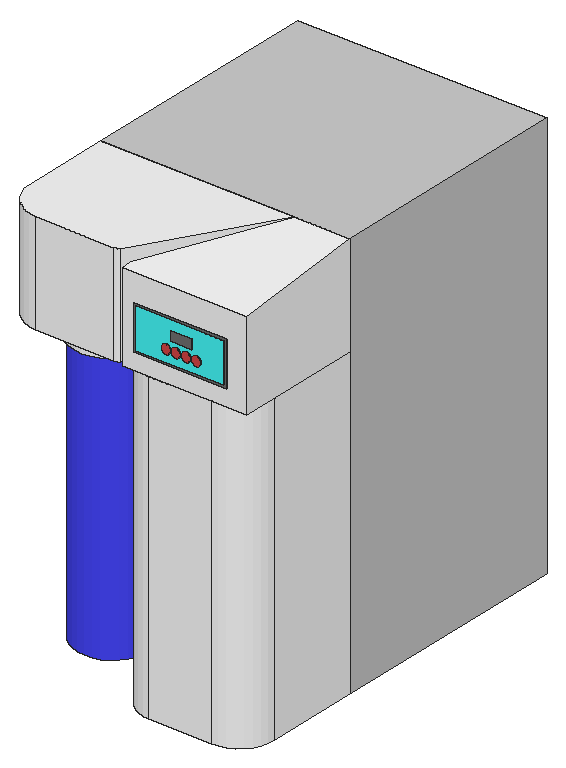
Revit family "640235", category Specialty Equipment, Revit 2020
Family settings
  Round Connector Dimension = Use Diameter
  Part Type = Normal
  OmniClass Number = 23.40.40.14
  OmniClass Title = Food Service Equipment
  Work Plane-Based = No
  Always vertical = Yes
  Cut with Voids When Loaded = No
  Shared = No
  Room Calculation Point = No
Parameters (values of type "640235")
  URL catalogo = "https://www.comenda.eu/site/assets/files/2661/trattamento_acque.pdf"
  URL = "www.comenda.eu"
  Tensione = 230 V
  Temperatura raccomandata per acqua fredda = 42.5 °C
  Show Logo [instance] = yes
  Show Clearance [instance] = yes
  Profondità = 425 mm
  Pressione massima acqua fredda = 600000.0 Pa
  Potenza elettrica = 250 W
  Pessione minima acqua fredda = 150000.0 Pa
  Peso netto = 25.00 kg
  Numero dei poli = 1
  Model = "640235"
  Manufacturer = "COMENDA"
  Lunghezza = 275 mm
  KCLRef = "KCL2C9,,e33c45b9-8928-4499-a97e-a97433608124,AC,AQUA+EB,637943765559021678,0d1accc8-c5fe-4c16-a329-9e799c2ee48f,882cc231-1f55-4f07-b128-6c81de75401e"
  KCL SpecSheet URL = ""
  Frequenza = 50 Hz
  Fase = 1
  Description = "AQUA + EB REVERSE OSMOSIS WATER TREATMENT OF 240L/H HARDNESS UP TO 35°"
  Default Elevation = 0 mm
  Corrente di funzionamento normale = 2.35 A
  Assembly Code = "E1090320"
  Altezza = 451 mm
Reference planes
  plane 1 "Back": y = 0
  plane 2: z = 0
  plane 3 "Left": x = 0
  plane 4 "Right": x = 270
  plane 5 "Front": y = -407
  plane 6 "Top": z = 451
Forms (mm)
  Extrusion 1, solid
    sketch origin (0, 307.459, 0) x (0, 1, 0) y (0, 0, 1)
      loop
        line (-307.459, 451) -> (-574.459, 451) -> (-574.459, 8) -> (-307.459, 8) -> (-307.459, 451)
    from 0 to 270
  Extrusion 2, solid
    sketch origin (-268.453, 284.459, 0) x (1, 0, 0) y (0, 1, 0)
      loop
        circle (291.453, -307.459) r 9
    from 0 to 8
  Extrusion 3, solid
    sketch origin (-268.453, 60.459, 0) x (1, 0, 0) y (0, 1, 0)
      loop
        circle (291.453, -307.459) r 9
    from 0 to 8
  Extrusion 4, solid
    sketch origin (-44.453, 284.459, 0) x (1, 0, 0) y (0, 1, 0)
      loop
        circle (291.453, -307.459) r 9
    from 0 to 8
  Extrusion 5, solid
    sketch origin (-44.453, 60.459, 0) x (1, 0, 0) y (0, 1, 0)
      loop
        circle (291.453, -307.459) r 9
    from 0 to 8
  Extrusion 6, solid
    sketch origin (-223.453, 240.065, 317) x (1, 0, 0) y (0, 1, 0)
      loop
        circle (291.453, -574.459) r 44
    from 0 to 24
  Extrusion 7, solid
    sketch origin (-223.453, 240.065, 22) x (1, 0, 0) y (0, 1, 0)
      loop
        circle (291.453, -574.459) r 40
    from 0 to 295
  Extrusion 8, solid
    sketch origin (-291.453, 307.459, 341) x (1, 0, 0) y (0, 1, 0)
      loop
        line (291.453, -574.459) -> (291.453, -670.871)
        arc (291.453, -670.871) -> (302.783, -699.015) -> (330.453, -711.459) r 40.62
        line (330.453, -711.459) -> (415.053, -711.459)
        arc (415.053, -711.459) -> (418.272, -710.927) -> (421.148, -709.387) r 10
        line (421.148, -709.387) -> (500.929, -574.459) -> (291.453, -574.459)
    from 0 to 110
  Blend 9, solid
    base sketch origin (-291.453, 307.459, 0) x (1, 0, 0) y (0, 0, 1)
      loop
        line (426.453, 436) -> (426.453, 341) -> (561.453, 341) -> (561.453, 436) -> (426.453, 436)
    top sketch origin (-291.453, 0, 0) x (1, 0, 0) y (0, 0, 1)
      loop
        line (426.453, 451) -> (426.453, 341) -> (561.453, 341) -> (561.453, 451) -> (426.453, 451)
    from 714.459 to 267
  Extrusion 10, solid
    sketch origin (-291.453, -405.2, 0) x (1, 0, 0) y (0, 0, 1)
      loop
        line (439.453, 407) -> (439.453, 359) -> (539.453, 359) -> (539.453, 407) -> (439.453, 407)
    from 0 to 2
  Extrusion 11, solid
    sketch origin (-291.453, -405.2, 0) x (1, 0, 0) y (0, 0, 1)
      loop
        line (441.753, 404.7) -> (441.753, 361.3) -> (537.153, 361.3) -> (537.153, 404.7) -> (441.753, 404.7)
    from 0.2 to 2.2
  Extrusion 12, solid
    sketch origin (-291.453, -405.2, 0) x (1, 0, 0) y (0, 0, 1)
      loop
        line (479.453, 394) -> (479.453, 384) -> (502.453, 384) -> (502.453, 394) -> (479.453, 394)
    from 0.4 to 2.4
  Extrusion 13, solid
    sketch origin (-291.453, -405.2, -15) x (1, 0, 0) y (0, 0, 1)
      loop
        circle (474.33, 389.438) r 5
      loop
        circle (485.091, 389.438) r 5
      loop
        circle (496.141, 389.438) r 5
      loop
        circle (507.286, 389.438) r 5
    from 0.4 to 2.4
  Extrusion 14, solid
    sketch origin (-291.453, 307.459, 0) x (1, 0, 0) y (0, 1, 0)
      loop
        line (291.453, -574.459) -> (291.453, -599.459)
        arc (291.453, -599.459) -> (292.918, -602.995) -> (296.453, -604.459) r 5
        line (296.453, -604.459) -> (306.453, -604.459)
        arc (306.453, -604.459) -> (309.989, -602.995) -> (311.453, -599.459) r 5
        line (311.453, -599.459) -> (311.453, -594.459)
        arc (311.453, -594.459) -> (312.918, -590.924) -> (316.453, -589.459) r 5
        line (316.453, -589.459) -> (416.453, -589.459)
        arc (416.453, -589.459) -> (419.989, -590.924) -> (421.453, -594.459) r 5
        line (421.453, -594.459) -> (421.453, -680.459)
        arc (421.453, -680.459) -> (431.411, -704.501) -> (455.453, -714.459) r 34
        line (455.453, -714.459) -> (523.453, -714.459)
        arc (523.453, -714.459) -> (550.323, -703.329) -> (561.453, -676.459) r 38
        line (561.453, -676.459) -> (561.453, -574.459) -> (291.453, -574.459)
    from 8 to 341
  Extrusion 15, solid
    sketch origin (-152.453, 20, -31) x (1, 0, 0) y (0, 0, 1)
      loop
        circle (291.453, 451) r 13
    from 0 to 20
  Revolve 16, solid
    sketch origin (139, 307.459, 0) x (0, 1, 0) y (0, 0, 1)
      loop
        line (-307.459, 340.497) -> (-307.459, 329.497) -> (-295.459, 329.497) -> (-295.459, 338.497) -> (-301.459, 340.497) -> (-307.459, 340.497)
      axis (-307.459, 329.497) -> (-295.459, 329.497)
    angle from 0 to 360
  Revolve 17, solid
    sketch origin (139, 307.459, -31) x (0, 1, 0) y (0, 0, 1)
      loop
        line (-307.459, 340.497) -> (-307.459, 329.497) -> (-295.459, 329.497) -> (-295.459, 338.497) -> (-301.459, 340.497) -> (-307.459, 340.497)
      axis (-307.459, 329.497) -> (-295.459, 329.497)
    angle from 0 to 360
  Extrusion 18, solid
    sketch origin (-258.453, 20, -31) x (1, 0, 0) y (0, 0, 1)
      loop
        circle (291.453, 451) r 13
    from 0 to 20
  Extrusion 19, solid
    sketch origin (-291.453, 14, 0) x (1, 0, 0) y (0, 0, 1)
      loop
        circle (430.453, 329.497) r 9
    from 0 to 2
  Extrusion 20, solid
    sketch origin (-291.453, 14, -31) x (1, 0, 0) y (0, 0, 1)
      loop
        circle (430.453, 329.497) r 9
    from 0 to 2
  Extrusion 21, solid
    sketch origin (-291.453, 2, 0) x (1, 0, 0) y (0, 0, 1)
      loop
        line (543.453, 384.5) -> (543.453, 405.5) -> (535.953, 413) -> (504.953, 413) -> (497.453, 405.5) -> (497.453, 384.5) -> (504.953, 377) -> (535.953, 377) -> (543.453, 384.5)
    from 0 to 2
Lines and regions (mm)
  symbolic lines, style "200-EquipBorder-2D"
    curve 1: line (0, -363.412, 0) -> (0, 0, 0)
    curve 2: line (0, 0, 0) -> (270, 0, 0)
    curve 3: line (270, 0, 0) -> (270, -407, 0)
    curve 4: line (270, -407, 0) -> (135, -407, 0)
    curve 5: line (135, -407, 0) -> (135, -392.956, 0)
    curve 6: line (135, -392.956, 0) -> (129.695, -401.927, 0)
    curve 7: arc (123.6, -404, 0) -> (126.819, -403.468, 0) -> (129.695, -401.927, 0) r 10
    curve 8: line (39, -404, 0) -> (123.6, -404, 0)
    curve 9: arc (0, -363.412, 0) -> (11.33, -391.556, 0) -> (39, -404, 0) r 40.62
    curve 12: line (46, 20, 0) -> (20, 20, 0)
    curve 13: line (152, 20, 0) -> (126, 20, 0)
    curve 14: line (20, 20, 0) -> (20, 0, 0)
    curve 15: line (46, 20, 0) -> (46, 0, 0)
    curve 16: line (126, 20, 0) -> (126, 0, 0)
    curve 17: line (152, 20, 0) -> (152, 0, 0)
  symbolic lines, style "200-EquipInternal-2D"
    curve 10: line (270, -267, 0) -> (0, -267, 0)
    curve 11: line (135, -392.956, 0) -> (209.476, -267, 0)
Dimensions and locks
  plane 3 "Left" to plane 4 "Right" = 270 mm
  plane 5 "Front" to plane 1 "Back" = 407 mm
  plane 6 "Top" to level = 451 mm
  aligned and locked: level to plane 2
Connectors
  piping at (33, 20, 420), diameter 13
    settings: on Extrusion 18, index 1, connector inside diameter 24", connector length 0 mm, flow factor 0, pipe flow 0.0 L/s, pressure drop 0.0 Pa, fitting loss kfactor 0, connector angle 0.00°, fixture units 0, engagement length 0 mm, angle of deflection 0.00°, flow configuration 1, flow direction 1, fitting loss method 0, system type 20, joint type 0, gender type 0, connector reference index -1, connector utility 0, adjustable connector no, is connector primary yes, connector description "treated water"
  piping at (139, 20, 420), diameter 13
    settings: on Extrusion 15, index 2, connector inside diameter 24", connector length 0 mm, flow factor 0, pipe flow 0.0 L/s, pressure drop 0.0 Pa, fitting loss kfactor 0, connector angle 0.00°, fixture units 0, engagement length 0 mm, angle of deflection 0.00°, flow configuration 1, flow direction 2, fitting loss method 0, system type 20, joint type 0, gender type 0, connector reference index -1, connector utility 0, adjustable connector no, is connector primary no, connector description "treated water"
  piping at (139, 14, 329.497), diameter 10
    settings: on Extrusion 19, index 3, connector inside diameter 24", connector length 0 mm, flow factor 0, pipe flow 0.0 L/s, pressure drop 0.0 Pa, fitting loss kfactor 0, connector angle 0.00°, fixture units 0, engagement length 0 mm, angle of deflection 0.00°, flow configuration 1, flow direction 2, fitting loss method 0, system type 20, joint type 0, gender type 0, connector reference index -1, connector utility 0, adjustable connector no, is connector primary no, connector description "treated water"
  piping at (139, 14, 298.497), diameter 8
    settings: on Extrusion 20, index 4, connector inside diameter 24", connector length 0 mm, flow factor 0, pipe flow 0.0 L/s, pressure drop 0.0 Pa, fitting loss kfactor 0, connector angle 0.00°, fixture units 0, engagement length 0 mm, angle of deflection 0.00°, flow configuration 1, flow direction 2, fitting loss method 0, system type 16, joint type 0, gender type 0, connector reference index -1, connector utility 0, adjustable connector no, is connector primary no, connector description "drain connection"
  electrical at (229, 2, 395)
    settings: on Extrusion 21, index 5, voltage 0 V, apparent load 0 VA, apparent load phase1 0 VA, apparent load phase2 0 VA, apparent load phase3 0 VA, power factor 1, load classification "Other", number of poles 1, system type 31, power factor state 1, is connector primary yes, connector utility no, sub classification motor no, connector description "electrical connection"
